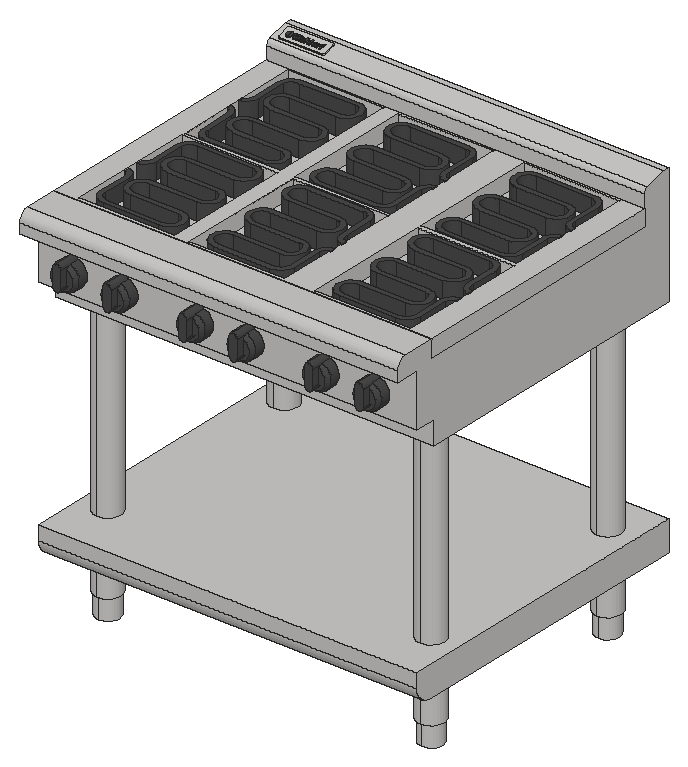
Revit family "QF_MOFFAT WALDORF_RNL8600E-LS", category Specialty Equipment, Revit 2012 (continued)
Automatic sketch dimensions
  Split face 8 sketch curve to Split face 8 sketch curve = 20.0 mm
  Extrusion 1 to Split face 9 sketch curve = 5.177 mm
  Split face 9 sketch curve to Extrusion 1 = 9.153 mm
  Split face 9 sketch curve to Extrusion 1 = 345.437 mm
  Split face 9 sketch curve to Split face 9 sketch curve = 20.0 mm
  Extrusion 1 to Split face 10 sketch curve = 5.177 mm
  Split face 10 sketch curve to Extrusion 1 = 9.153 mm
  Split face 10 sketch curve to Extrusion 1 = 295.437 mm
  Split face 10 sketch curve to Split face 10 sketch curve = 20.0 mm
  Extrusion 1 to Split face 11 sketch curve = 5.177 mm
  Split face 11 sketch curve to Extrusion 1 = 9.153 mm
  Split face 11 sketch curve to Extrusion 1 = 245.437 mm
  Split face 11 sketch curve to Split face 11 sketch curve = 20.0 mm
  Extrusion 1 to Split face 12 sketch curve = 5.177 mm
  Split face 12 sketch curve to Extrusion 1 = 9.153 mm
  Split face 12 sketch curve to Extrusion 1 = 195.437 mm
  Split face 12 sketch curve to Split face 12 sketch curve = 20.0 mm
  Extrusion 15 sketch curve to Extrusion 1 = 0.0 mm  (x2)
  Extrusion 1 to Extrusion 15 sketch curve = 0.0 mm
  Extrusion 15 sketch curve to Extrusion 1 = 6.75 mm  (x3)
  Extrusion 15 sketch curve to Extrusion 15 sketch curve = 306.95 mm
  Extrusion 1 to Extrusion 15 sketch curve = 54.0 mm  (x2)
  Extrusion 15 sketch curve to Extrusion 15 sketch curve = 0.0 mm  (x6)
  Extrusion 15 sketch curve to Extrusion 15 sketch curve = 7.6 mm  (x3)
  Extrusion 1 to Extrusion 15 sketch curve = 6.75 mm  (x3)
  Extrusion 1 to Extrusion 15 sketch curve = 1.0 mm
  Extrusion 15 sketch curve to Extrusion 15 sketch curve = 228.75 mm  (x3)
  Extrusion 15 sketch curve to Extrusion 15 sketch curve = 34.5 mm
  Extrusion 15 sketch curve to Extrusion 15 sketch curve = 71.25 mm  (x2)
  Extrusion 16 sketch curve to Extrusion 16 sketch curve = 0.0 mm  (x104)
  Extrusion 1 to Extrusion 16 sketch curve = 20.503 mm  (x3)
  Extrusion 16 sketch curve to Extrusion 16 sketch curve = 11.997 mm  (x6)
  Extrusion 16 sketch curve to Extrusion 16 sketch curve = 19.532 mm  (x6)
  Extrusion 16 sketch curve to Extrusion 16 sketch curve = 0.24 mm  (x6)
  Extrusion 16 sketch curve to Extrusion 16 sketch curve = 0.931 mm  (x10)
  Extrusion 16 sketch curve to Extrusion 16 sketch curve = 0.01 mm  (x6)
  Extrusion 16 sketch curve to Extrusion 16 sketch curve = 21.7 mm  (x30)
  Extrusion 16 sketch curve to Extrusion 16 sketch curve = 0.002 mm  (x6)
  Extrusion 16 sketch curve to Extrusion 16 sketch curve = 70.811 mm  (x6)
  Extrusion 16 sketch curve to Extrusion 16 sketch curve = 0.447 mm  (x6)
  Extrusion 16 sketch curve to Extrusion 16 sketch curve = 0.12 mm  (x6)
  Extrusion 16 sketch curve to Extrusion 16 sketch curve = 19.01 mm  (x6)
  Extrusion 16 sketch curve to Extrusion 16 sketch curve = 12.303 mm  (x6)
  Extrusion 16 sketch curve to Extrusion 16 sketch curve = 21.593 mm  (x6)
  Extrusion 16 sketch curve to Extrusion 16 sketch curve = 12.315 mm  (x6)
  Extrusion 16 sketch curve to Extrusion 16 sketch curve = 18.52 mm  (x6)
  Extrusion 16 sketch curve to Extrusion 16 sketch curve = 0.133 mm  (x6)
  Extrusion 16 sketch curve to Extrusion 16 sketch curve = 0.5 mm  (x2)
  Extrusion 16 sketch curve to Extrusion 16 sketch curve = 19.152 mm  (x4)
  Extrusion 16 sketch curve to Extrusion 16 sketch curve = 20.704 mm  (x8)
  Extrusion 16 sketch curve to Extrusion 16 sketch curve = 0.239 mm  (x6)
  Extrusion 16 sketch curve to Extrusion 16 sketch curve = 16.003 mm  (x3)
  Extrusion 1 to Extrusion 16 sketch curve = 48.333 mm  (x2)
  Extrusion 1 to Extrusion 16 sketch curve = 48.512 mm  (x2)
  Extrusion 16 sketch curve to Extrusion 16 sketch curve = 0.004 mm  (x2)
  Extrusion 16 sketch curve to Extrusion 16 sketch curve = 5.484 mm  (x2)
  Extrusion 16 sketch curve to Extrusion 16 sketch curve = 5.667 mm  (x2)
  Extrusion 16 sketch curve to Extrusion 16 sketch curve = 20.701 mm  (x4)
  Extrusion 16 sketch curve to Extrusion 16 sketch curve = 0.001 mm  (x6)
  Extrusion 16 sketch curve to Extrusion 16 sketch curve = 41.7 mm  (x2)
  Extrusion 16 sketch curve to Extrusion 16 sketch curve = 20.999 mm
  Extrusion 16 sketch curve to Extrusion 16 sketch curve = 112.6 mm  (x5)
  Extrusion 16 sketch curve to Extrusion 16 sketch curve = 130.8 mm  (x2)
  Extrusion 16 sketch curve to Extrusion 16 sketch curve = 19.862 mm  (x4)
  Extrusion 16 sketch curve to Extrusion 16 sketch curve = 0.032 mm  (x2)
  Extrusion 16 sketch curve to Extrusion 16 sketch curve = 19.894 mm  (x2)
  Extrusion 16 sketch curve to Extrusion 16 sketch curve = 0.226 mm  (x4)
  Extrusion 16 sketch curve to Extrusion 16 sketch curve = 0.258 mm  (x4)
  Extrusion 16 sketch curve to Extrusion 16 sketch curve = 0.879 mm  (x8)
  Extrusion 16 sketch curve to Extrusion 16 sketch curve = 14.293 mm
  Extrusion 16 sketch curve to Extrusion 16 sketch curve = 133.7 mm
  Extrusion 16 sketch curve to Extrusion 16 sketch curve = 133.693 mm  (x2)
  Extrusion 1 sketch curve to plane 5 "FRONT" = 0.0 mm
  Extrusion 1 sketch curve to plane 10 = 0.0 mm
  Extrusion 1 sketch curve to plane 6 "TOP" = 0.0 mm
  Extrusion 1 sketch curve to plane 1 "BACK" = 0.0 mm  (x2)
  Extrusion 1 sketch curve to plane 5 "FRONT" = 24.0 mm
  Extrusion 1 sketch curve to plane 5 "FRONT" = 56.0 mm  (x2)
  Extrusion 1 sketch curve to Extrusion 1 sketch curve = 44.0 mm
  Extrusion 1 sketch curve to Extrusion 1 sketch curve = 50.0 mm
  plane 1 "BACK" to Extrusion 1 sketch curve = 70.0 mm
  Extrusion 1 sketch curve to plane 6 "TOP" = 12.354 mm
  Extrusion 1 sketch curve to Extrusion 1 sketch curve = 8.894 mm
  Extrusion 1 sketch curve to Extrusion 1 sketch curve = 12.0 mm
  Extrusion 1 sketch curve to Extrusion 1 sketch curve = 15.0 mm
  Extrusion 1 sketch curve to plane 10 = 40.0 mm
  Extrusion 1 sketch curve to Extrusion 1 sketch curve = 25.0 mm
  Extrusion 1 sketch curve to Extrusion 1 sketch curve = 126.0 mm
  Extrusion 1 sketch curve to Extrusion 1 sketch curve = 190.0 mm
  Extrusion 1 sketch curve to plane 9 "Base Height" = 0.0 mm
  Extrusion 1 sketch curve to Extrusion 1 sketch curve = 38.0 mm
  Extrusion 1 sketch curve to Extrusion 1 sketch curve = 34.5 mm
  Revolve 17 sketch curve to plane 9 "Base Height" = 0.0 mm
  Revolve 17 sketch curve to level = 0.0 mm
  level to Revolve 17 sketch curve = 50.0 mm
  plane 1 "BACK" to Revolve 17 sketch curve = 131.75 mm
  Revolve 17 sketch curve to Revolve 17 sketch curve = 4.25 mm
  Revolve 17 sketch curve to Revolve 17 sketch curve = 27.5 mm  (x2)
  Revolve 17 sketch curve to Revolve 17 sketch curve = 55.0 mm
  Revolve 17 sketch curve to Revolve 17 sketch curve = 0.0 mm
  Revolve 18 sketch curve to plane 9 "Base Height" = 0.0 mm
  Revolve 18 sketch curve to level = 0.0 mm
  level to Revolve 18 sketch curve = 50.0 mm
  Revolve 18 sketch curve to plane 5 "FRONT" = 148.25 mm
  Revolve 18 sketch curve to Revolve 18 sketch curve = 4.25 mm
  Revolve 18 sketch curve to Revolve 18 sketch curve = 27.5 mm  (x2)
  Revolve 18 sketch curve to Revolve 18 sketch curve = 55.0 mm
  Revolve 18 sketch curve to Revolve 18 sketch curve = 0.0 mm
  Revolve 19 sketch curve to plane 9 "Base Height" = 0.0 mm
  Revolve 19 sketch curve to level = 0.0 mm
  level to Revolve 19 sketch curve = 50.0 mm
  plane 1 "BACK" to Revolve 19 sketch curve = 131.75 mm
  Revolve 19 sketch curve to Revolve 19 sketch curve = 4.25 mm
  Revolve 19 sketch curve to Revolve 19 sketch curve = 27.5 mm  (x2)
  Revolve 19 sketch curve to Revolve 19 sketch curve = 0.0 mm
  Revolve 19 sketch curve to Revolve 19 sketch curve = 55.0 mm
  Revolve 20 sketch curve to plane 9 "Base Height" = 0.0 mm
  Revolve 20 sketch curve to level = 0.0 mm
  level to Revolve 20 sketch curve = 50.0 mm
  Revolve 20 sketch curve to plane 5 "FRONT" = 148.25 mm
  Revolve 20 sketch curve to Revolve 20 sketch curve = 4.25 mm
  Revolve 20 sketch curve to Revolve 20 sketch curve = 27.5 mm  (x2)
  Revolve 20 sketch curve to Revolve 20 sketch curve = 0.0 mm
  Revolve 20 sketch curve to Revolve 20 sketch curve = 55.0 mm
  Extrusion 21 sketch curve to Extrusion 21 sketch curve = 0.0 mm  (x8)
  Extrusion 1 to Extrusion 21 sketch curve = 68.25 mm  (x2)
  Extrusion 21 sketch curve to Extrusion 21 sketch curve = 31.75 mm  (x4)
  Extrusion 1 to Extrusion 21 sketch curve = 155.75 mm  (x2)
  Extrusion 1 to Extrusion 21 sketch curve = 65.0 mm  (x4)
  radius of Extrusion 4 sketch curve = 13.5 mm
Nested families
  nested 1: "WALDORF LOGO" at (12.5, -36.099, 947.873), visible <- "Show Logo", type "WALDORF LOGO", detail levels medium+fine
    with Type Mark "", Status "", Specification by User "", Show Logo yes, Revision Code "", Item Number "", Installed By "", Identify Quantity as Lot yes, Furnished By "", Foodservice Equipment Identifier yes
  nested 2: "RNL8600E-LS-CASTERS" at (65, -100, 0), Show Casters <- "Show Casters", visible <- "Show Casters", type "RNL8600E-LS-CASTERS"
    with Type Mark "", Status "", Specification by User "", Show Casters no, Revision Code "", Item Number "", Installed By "", Identify Quantity as Lot yes, Furnished By "", Foodservice Equipment Identifier yes
  nested 3: "RNL8600E-LS-CASTERS" at (835, -100, 0), Show Casters <- "Show Casters", visible <- "Show Casters", type "RNL8600E-LS-CASTERS"
    with Type Mark "", Status "", Specification by User "", Show Casters no, Revision Code "", Item Number "", Installed By "", Identify Quantity as Lot yes, Furnished By "", Foodservice Equipment Identifier yes
Connectors
  electrical at (770, -32, 710), driven by "Volts", driven by "Watts"
    settings: on cut or joined group of Extrusion 1, Extrusion 4, index 1, voltage 415 V, apparent load 14400 VA, apparent load phase1 0 VA, apparent load phase2 0 VA, apparent load phase3 0 VA, power factor 1, load classification "Other", number of poles 1, system type 30, power factor state 1, is connector primary yes, connector utility no, sub classification motor no, connector description "ELECTRICAL CONNECTION"
Definition of nested family "WALDORF LOGO"
  Parameters (values of type "WALDORF LOGO")
    Weight in Pounds = 0
    URL Cutsheet = ""
    Type Mark [instance] = ""
    Status [instance] = ""
    Specification by User [instance] = ""
    Specification by Manufacturer = ""
    Show Logo [instance] = yes
    Serial Number = ""
    Seismic Rating = ""
    SMACNA No = ""
    Revision Code [instance] = ""
    Omniclass Number and Title = ""
    NAFEM Spec ID Number = ""
    Masterspec = ""
    Item Number [instance] = ""
    Installed By [instance] = ""
    Identify Quantity as Lot [instance] = yes
    Furnished By [instance] = ""
    Foodservice Equipment Identifier [instance] = yes
    CSI MasterFormat = ""
    CSI Master Format = ""
  Reference planes
    plane 1 "BACK": y = 0
    plane 2: z = 0
    plane 3 "LEFT": x = 0
    plane 4 "RIGHT": x = 109
    plane 5 "FRONT": y = -1.588
    plane 6 "TOP": z = 34.14
    plane 7 "Center Y": x = 54.5
    plane 8 "Center X": y = -0.794
  Forms (mm)
    Extrusion 1, solid, material "QF_Finishes_Stainless Steel", visible <- "Show Logo"
      sketch origin (0, -17.078, 11.729) x (1, 0, 0) y (0, 0.964546, 0.263916)
        loop
          arc (5, 34.14) -> (1.464, 32.676) -> (0, 29.14) r 5
          line (0, 29.14) -> (0, 5)
          arc (0, 5) -> (1.464, 1.464) -> (5, 0) r 5
          line (5, 0) -> (104, 0)
          arc (104, 0) -> (107.536, 1.464) -> (109, 5) r 5
          line (109, 5) -> (109, 29.14)
          arc (109, 29.14) -> (107.536, 32.676) -> (104, 34.14) r 5
          line (104, 34.14) -> (5, 34.14)
      from 0 to 1.588
    Extrusion 2, solid, material "QF_Finishes_Black", visible <- "Show Logo"
      sketch origin (0, -17.497, 13.26) x (1, 0, 0) y (0, 0.964546, 0.263916)
        loop
          line (24.772, 23.214) -> (27.992, 10.301) -> (31.551, 10.301) -> (33.443, 17.364) -> (35.205, 10.301) -> (39.332, 10.301) -> (42.077, 23.214) -> (38.352, 23.214) -> (36.676, 15.33) -> (35, 23.214) -> (31.752, 23.214) -> (30.076, 15.33) -> (28.4, 23.214) -> (24.772, 23.214)
        loop
          line (42.272, 17.055) -> (45.703, 17.055)
          spline (45.703, 17.055) -> (45.741, 17.285) -> (45.852, 17.499) -> (46.028, 17.682) -> (46.258, 17.823) -> (46.526, 17.912) -> (46.813, 17.942) -> (47.1, 17.912) -> (47.368, 17.823) -> (47.597, 17.682) -> (47.774, 17.499) -> (47.884, 17.285) -> (47.922, 17.055)
          line (47.922, 17.055) -> (47.922, 16.222)
          arc (47.922, 16.222) -> (45.742, 16.014) -> (43.665, 15.317) r 9.604
          arc (43.665, 15.317) -> (41.924, 12.809) -> (43.665, 10.301) r 2.677
          arc (43.665, 10.301) -> (45.527, 10.353) -> (47.332, 10.816) r 8.365
          line (47.332, 10.816) -> (48.092, 11.105) -> (48.092, 10.301) -> (51.817, 10.301) -> (51.817, 17.055)
          spline (51.817, 17.055) -> (51.654, 17.821) -> (51.178, 18.535) -> (50.419, 19.148) -> (49.431, 19.619) -> (48.28, 19.914) -> (47.044, 20.015) -> (45.809, 19.914) -> (44.658, 19.619) -> (43.67, 19.148) -> (42.911, 18.535) -> (42.434, 17.821) -> (42.272, 17.055)
        loop
          line (53.151, 23.214) -> (53.151, 10.301) -> (57.37, 10.301) -> (57.37, 23.214) -> (53.151, 23.214)
        loop
          line (64.874, 23.214) -> (64.874, 18.857)
          arc (64.874, 18.857) -> (58.083, 15.11) -> (64.874, 11.363) r 4.429
          line (64.874, 11.363) -> (64.874, 10.301) -> (68.378, 10.301) -> (68.378, 23.214) -> (64.874, 23.214)
        loop
          arc (64.874, 16.083) -> (61.41, 14.987) -> (64.874, 13.891) r 1.905
          line (64.874, 13.891) -> (64.874, 16.083)
        loop
          circle (74.623, 15.223) r 5
        loop
          spline (74.623, 17.856) -> (74.355, 17.766) -> (74.105, 17.503) -> (73.891, 17.084) -> (73.726, 16.539) -> (73.623, 15.904) -> (73.588, 15.223) -> (73.623, 14.541) -> (73.726, 13.906) -> (73.891, 13.361) -> (74.105, 12.942) -> (74.355, 12.679) -> (74.623, 12.59)
          spline (74.623, 12.59) -> (74.891, 12.679) -> (75.141, 12.942) -> (75.355, 13.361) -> (75.52, 13.906) -> (75.623, 14.541) -> (75.659, 15.223) -> (75.623, 15.904) -> (75.52, 16.539) -> (75.355, 17.084) -> (75.141, 17.503) -> (74.891, 17.766) -> (74.623, 17.856)
        loop
          line (81.255, 19.813) -> (81.255, 10.301) -> (84.834, 10.301) -> (84.834, 14.176)
          arc (84.834, 14.176) -> (85.854, 16.093) -> (88.013, 16.32) r 2.313
          line (88.013, 16.32) -> (88.013, 19.813) -> (87.161, 19.813)
          arc (87.161, 19.813) -> (85.526, 19.266) -> (84.549, 17.844) r 2.717
          line (84.549, 17.844) -> (84.549, 19.813) -> (81.255, 19.813)
        loop
          line (90.249, 19.813) -> (88.91, 19.813) -> (88.91, 17.614) -> (90.249, 17.614) -> (90.249, 10.301) -> (93.998, 10.301) -> (93.998, 17.614) -> (95.418, 17.614) -> (95.418, 19.813) -> (93.998, 19.813)
          arc (93.998, 19.813) -> (94.414, 20.817) -> (95.418, 21.233) r 1.42
          line (95.418, 21.233) -> (95.418, 23.602) -> (93.317, 23.602)
          arc (93.317, 23.602) -> (91.343, 22.903) -> (90.249, 21.118) r 3.137
          line (90.249, 21.118) -> (90.249, 19.813)
        loop
          arc (15.241, 23.571) -> (8.392, 16.525) -> (15.241, 9.479) r 7.049
          line (15.241, 9.479) -> (15.241, 23.571)
        loop
          line (15.641, 23.571) -> (15.641, 9.479)
          arc (15.641, 9.479) -> (22.49, 16.525) -> (15.641, 23.571) r 7.049
        loop
          arc (47.922, 14.711) -> (46.266, 13.749) -> (47.922, 12.787) r 1.107
          line (47.922, 12.787) -> (47.922, 14.711)
      from 0 to 0.2
  Dimensions and locks
    equal spacing: plane 3 "LEFT", plane 7 "Center Y", plane 4 "RIGHT"
    plane 3 "LEFT" to plane 4 "RIGHT" = 109.0 mm
    equal spacing: plane 5 "FRONT", plane 8 "Center X", plane 1 "BACK"
    plane 5 "FRONT" to plane 1 "BACK" = 1.588 mm
    aligned and locked: level to plane 2
  Automatic sketch dimensions
    Extrusion 1 sketch curve to plane 3 "LEFT" = 0.0 mm
    Extrusion 1 sketch curve to plane 4 "RIGHT" = 0.0 mm
    plane 3 "LEFT" to Extrusion 1 sketch curve = 5.0 mm  (x2)
    plane 4 "RIGHT" to Extrusion 1 sketch curve = 5.0 mm
    Extrusion 1 sketch curve to Extrusion 1 sketch curve = 5.0 mm
    Extrusion 1 sketch curve to Extrusion 1 sketch curve = 24.14 mm
    Extrusion 2 sketch curve to Extrusion 2 sketch curve = 0.0 mm  (x14)
    Extrusion 2 sketch curve to Extrusion 1 = 15.241 mm
    Extrusion 2 sketch curve to Extrusion 2 sketch curve = 0.2 mm
    Extrusion 2 sketch curve to Extrusion 2 sketch curve = 0.4 mm
    Extrusion 2 sketch curve to Extrusion 2 sketch curve = 9.131 mm
    Extrusion 2 sketch curve to Extrusion 1 = 10.301 mm  (x2)
    Extrusion 2 sketch curve to Extrusion 2 sketch curve = 12.351 mm
    Extrusion 2 sketch curve to Extrusion 2 sketch curve = 3.628 mm
    Extrusion 2 sketch curve to Extrusion 2 sketch curve = 2.084 mm
    Extrusion 2 sketch curve to Extrusion 2 sketch curve = 3.559 mm
    Extrusion 2 sketch curve to Extrusion 1 = 10.926 mm  (x2)
    Extrusion 2 sketch curve to Extrusion 2 sketch curve = 3.352 mm  (x2)
    Extrusion 2 sketch curve to Extrusion 2 sketch curve = 3.367 mm
    Extrusion 2 sketch curve to Extrusion 2 sketch curve = 3.249 mm
    Extrusion 2 sketch curve to Extrusion 2 sketch curve = 3.654 mm
    Extrusion 2 sketch curve to Extrusion 1 = 15.33 mm
    Extrusion 2 sketch curve to Extrusion 2 sketch curve = 3.233 mm
    Extrusion 2 sketch curve to Extrusion 2 sketch curve = 4.128 mm
    Extrusion 2 sketch curve to Extrusion 2 sketch curve = 3.725 mm
    Extrusion 2 sketch curve to Extrusion 2 sketch curve = 5.596 mm
    Extrusion 2 sketch curve to Extrusion 2 sketch curve = 4.333 mm
    Extrusion 2 sketch curve to Extrusion 2 sketch curve = 1.394 mm
    Extrusion 2 sketch curve to Extrusion 2 sketch curve = 2.092 mm
    Extrusion 2 sketch curve to Extrusion 2 sketch curve = 0.936 mm
    Extrusion 2 sketch curve to Extrusion 2 sketch curve = 1.34 mm
    Extrusion 2 sketch curve to Extrusion 2 sketch curve = 1.109 mm
    Extrusion 2 sketch curve to Extrusion 2 sketch curve = 0.232 mm
    Extrusion 2 sketch curve to Extrusion 2 sketch curve = 2.731 mm
    Extrusion 2 sketch curve to Extrusion 2 sketch curve = 0.549 mm  (x2)
    Extrusion 2 sketch curve to Extrusion 2 sketch curve = 0.407 mm
    Extrusion 2 sketch curve to Extrusion 2 sketch curve = 0.76 mm
    Extrusion 2 sketch curve to Extrusion 2 sketch curve = 1.334 mm
    Extrusion 2 sketch curve to Extrusion 2 sketch curve = 4.219 mm
    Extrusion 2 sketch curve to Extrusion 2 sketch curve = 5.142 mm
    Extrusion 2 sketch curve to Extrusion 2 sketch curve = 0.803 mm
    Extrusion 2 sketch curve to Extrusion 2 sketch curve = 1.558 mm
    Extrusion 2 sketch curve to Extrusion 2 sketch curve = 3.504 mm
    Extrusion 2 sketch curve to Extrusion 2 sketch curve = 6.245 mm
    Extrusion 2 sketch curve to Extrusion 2 sketch curve = 6.632 mm
    Extrusion 2 sketch curve to Extrusion 2 sketch curve = 3.294 mm
    Extrusion 2 sketch curve to Extrusion 2 sketch curve = 3.579 mm
    Extrusion 2 sketch curve to Extrusion 2 sketch curve = 2.313 mm
    Extrusion 2 sketch curve to Extrusion 2 sketch curve = 2.612 mm
    Extrusion 2 sketch curve to Extrusion 2 sketch curve = 0.852 mm
    Extrusion 2 sketch curve to Extrusion 2 sketch curve = 0.897 mm
    Extrusion 2 sketch curve to Extrusion 2 sketch curve = 3.102 mm
    Extrusion 2 sketch curve to Extrusion 2 sketch curve = 1.338 mm
    Extrusion 2 sketch curve to Extrusion 2 sketch curve = 3.068 mm
    Extrusion 2 sketch curve to Extrusion 2 sketch curve = 0.681 mm
    Extrusion 2 sketch curve to Extrusion 2 sketch curve = 3.749 mm
    Extrusion 2 sketch curve to Extrusion 2 sketch curve = 1.42 mm
    Extrusion 2 sketch curve to Extrusion 2 sketch curve = 5.029 mm  (x2)
    Extrusion 2 sketch curve to Extrusion 1 = 9.479 mm
    Extrusion 2 sketch curve to Extrusion 2 sketch curve = 3.681 mm
    Extrusion 2 sketch curve to Extrusion 2 sketch curve = 0.515 mm
    Extrusion 2 sketch curve to Extrusion 2 sketch curve = 0.804 mm
    Extrusion 2 sketch curve to Extrusion 2 sketch curve = 1.062 mm
    Extrusion 2 sketch curve to Extrusion 2 sketch curve = 1.682 mm
    Extrusion 2 sketch curve to Extrusion 2 sketch curve = 2.508 mm
    Extrusion 2 sketch curve to Extrusion 2 sketch curve = 0.962 mm
    Extrusion 2 sketch curve to Extrusion 2 sketch curve = 2.528 mm
    Extrusion 2 sketch curve to Extrusion 2 sketch curve = 3.875 mm
    Extrusion 2 sketch curve to Extrusion 2 sketch curve = 1.096 mm
    Extrusion 2 sketch curve to Extrusion 2 sketch curve = 0.123 mm
    Extrusion 2 sketch curve to Extrusion 2 sketch curve = 4.922 mm
    Extrusion 2 sketch curve to Extrusion 2 sketch curve = 7.046 mm
    Extrusion 2 sketch curve to Extrusion 2 sketch curve = 0.833 mm
    Extrusion 2 sketch curve to Extrusion 2 sketch curve = 0.776 mm
    Extrusion 2 sketch curve to Extrusion 2 sketch curve = 2.034 mm
    Extrusion 2 sketch curve to Extrusion 2 sketch curve = 7.314 mm
    Extrusion 2 sketch curve to Extrusion 2 sketch curve = 1.295 mm
    Extrusion 2 sketch curve to Extrusion 2 sketch curve = 0.749 mm
    Extrusion 2 sketch curve to Extrusion 2 sketch curve = 2.633 mm
    Extrusion 2 sketch curve to Extrusion 2 sketch curve = 2.198 mm  (x2)
    Extrusion 2 sketch curve to Extrusion 2 sketch curve = 1.968 mm
    Extrusion 2 sketch curve to Extrusion 2 sketch curve = 0.653 mm
    Extrusion 2 sketch curve to Extrusion 2 sketch curve = 1.305 mm
    Extrusion 2 sketch curve to Extrusion 2 sketch curve = 4.357 mm
    Extrusion 2 sketch curve to Extrusion 2 sketch curve = 6.159 mm
    radius of Extrusion 2 sketch curve = 5.0 mm
Definition of nested family "RNL8600E-LS-CASTERS"
  Parameters (values of type "BTL8450-CB-CASTERS")
    Weight = ""
    URL Manufacturer = ""
    URL Cutsheet = ""
    URL = ""
    Type Mark [instance] = ""
    Status [instance] = ""
    Specification by User [instance] = ""
    Specification by Manufacturer = ""
    Show Casters [instance] = no
    Serial Number = ""
    Seismic Rating = ""
    SMACNA No = ""
    Revision Code [instance] = ""
    Omniclass Number and Title = ""
    NAFEM Spec ID Number = ""
    Model = ""
    MasterSpec. = ""
    Manufacturer = ""
    Item Number [instance] = ""
    Installed By [instance] = ""
    Identify Quantity as Lot [instance] = yes
    Furnished By [instance] = ""
    Foodservice Equipment Identifier [instance] = yes
    Description = ""
    CSI MasterFormat = ""
    CSI Master Format = ""
    Assembly Code = ""
  Reference planes
    plane 1: z = 0
    plane 2 "RIGHT": x = 0
    plane 3 "FRONT": y = 0
    plane 4 "TOP": z = 177.8
  Forms (mm)
    Revolve 1, solid, material "QF_Finishes_Stainless Steel", visible <- "Show Casters"
      sketch origin (0, 56.335, 0) x (0, 1, 0) y (0, 0, 1)
        loop
          line (-56.335, 152.4) -> (-56.335, 141.118) -> (-23.798, 141.118) -> (-23.798, 152.4) -> (-56.335, 152.4)
        axis (-56.335, 141.118) -> (-56.335, 152.4)
      angle from 0 to 360
    Extrusion 2, solid, material "QF_Finishes_Stainless Steel", visible <- "Show Casters"
      sketch origin (-46.049, 56.335, 0) x (0, 1, 0) y (0, 0, 1)
        loop
          line (-85.799, 141.118) -> (-85.799, 133.498) -> (-82.136, 133.498)
          arc (-82.136, 133.498) -> (-79.344, 132.328) -> (-77.146, 130.248) r 8.432
          line (-77.146, 130.248) -> (-39.502, 49.52)
          arc (-39.502, 49.52) -> (-13.784, 46.107) -> (-5.673, 70.75) r 20.32
          arc (-5.673, 70.75) -> (-7.065, 73.611) -> (-8.887, 76.22) r 20.32
          arc (-8.887, 76.22) -> (-9.399, 85.377) -> (-6.626, 94.119) r 25.4
          line (-6.626, 94.119) -> (8.003, 121.632)
          arc (8.003, 121.632) -> (-2.347, 126.31) -> (-13.34, 129.167) r 66.802
          line (-13.34, 129.167) -> (-13.765, 133.498) -> (-26.871, 133.498) -> (-26.871, 141.118) -> (-85.799, 141.118)
      from 20.058 to 22.923
    Extrusion 3, solid, material "QF_Finishes_Stainless Steel", visible <- "Show Casters"
      sketch origin (3.326, 56.335, 0) x (0, 1, 0) y (0, 0, 1)
        loop
          line (-85.799, 141.118) -> (-85.799, 133.498) -> (-82.136, 133.498)
          arc (-82.136, 133.498) -> (-79.344, 132.328) -> (-77.146, 130.248) r 8.432
          line (-77.146, 130.248) -> (-39.502, 49.52)
          arc (-39.502, 49.52) -> (-13.784, 46.107) -> (-5.673, 70.75) r 20.32
          arc (-5.673, 70.75) -> (-7.065, 73.611) -> (-8.887, 76.22) r 20.32
          arc (-8.887, 76.22) -> (-9.399, 85.377) -> (-6.626, 94.119) r 25.4
          line (-6.626, 94.119) -> (8.003, 121.632)
          arc (8.003, 121.632) -> (-2.347, 126.31) -> (-13.34, 129.167) r 66.802
          line (-13.34, 129.167) -> (-13.765, 133.498) -> (-26.871, 133.498) -> (-26.871, 141.118) -> (-85.799, 141.118)
      from 20.058 to 22.923
    Extrusion 4, solid, material "QF_Finishes_Stainless Steel", visible <- "Show Casters"
      sketch origin (-49.224, 56.335, 0) x (0, 1, 0) y (0, 0, 1)
        loop
          line (-85.799, 141.118) -> (-85.799, 133.498) -> (-82.136, 133.498) -> (-18.877, 127.964) -> (7.14, 120.01) -> (8.003, 121.632)
          arc (8.003, 121.632) -> (-2.347, 126.31) -> (-13.34, 129.167) r 66.802
          line (-13.34, 129.167) -> (-13.765, 133.498) -> (-26.871, 133.498) -> (-26.871, 141.118) -> (-85.799, 141.118)
      from 26.098 to 72.56
    Revolve 5, solid, material "QF_Finishes_Stainless Steel", visible <- "Show Casters"
      sketch origin (-49.224, 30.821, 0) x (1, 0, 0) y (0, 0, 1)
        loop
          line (14.841, 63.604) -> (83.584, 63.604) -> (83.584, 67.109) -> (82.314, 68.379) -> (80.79, 68.379) -> (80.79, 71.826) -> (68.644, 71.826) -> (68.644, 81.79) -> (65.088, 83.843) -> (61.683, 104.879) -> (65.881, 104.879) -> (65.881, 111.229) -> (65.088, 111.229) -> (65.088, 117.579)
          arc (65.088, 117.579) -> (62.298, 124.314) -> (55.563, 127.104) r 9.525
          line (55.563, 127.104) -> (42.863, 127.104)
          arc (42.863, 127.104) -> (36.127, 124.314) -> (33.338, 117.579) r 9.525
          line (33.338, 117.579) -> (33.338, 111.229) -> (32.544, 111.229) -> (32.544, 104.879) -> (36.742, 104.879) -> (33.352, 83.932) -> (29.782, 81.871) -> (29.782, 71.826) -> (17.635, 71.826) -> (17.635, 68.379) -> (16.111, 68.379) -> (14.841, 67.109) -> (14.841, 63.604)
        axis (14.841, 63.604) -> (83.584, 63.604)
      angle from 0 to 360
  Cuts and joins
    joined: Extrusion 2, Extrusion 3, Extrusion 4
  Lines and regions (mm)
    symbolic lines, style "SpecialityEquipmentHiddenLines", visible <- "Show Casters"
      curve 1: line (18.009, 67.053, 0) -> (45.595, 51.127, 0)
      curve 2: line (-45.491, -42.932, 0) -> (18.009, 67.053, 0)
      curve 3: line (-17.905, -58.859, 0) -> (-45.491, -42.932, 0)
      curve 4: line (45.595, 51.127, 0) -> (-17.905, -58.859, 0)
  Dimensions and locks
    plane 4 "TOP" to level = 177.8 mm  (x2)
    Revolve 5 sketch curve to Revolve 5 sketch curve = 63.5 mm
    aligned and locked: level to plane 1
